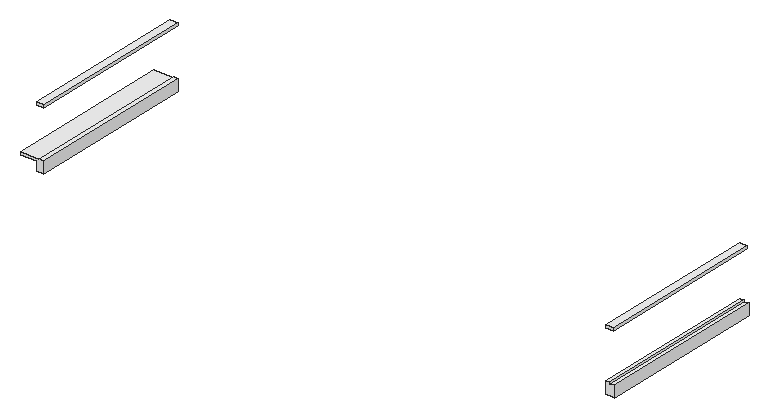
Revit family "CT_Bloco_E_Perfil", category Structural Framing, Revit 2025
Family settings
  Display in Hidden Views = Edges Hidden by Other Members
  Structural Framing Length Roundoff = 0.000 m
  Section Shape = Not Defined
  Material for Model Behavior = Concrete
  Always export as geometry = No
  Work Plane-Based = No
  Always vertical = Yes
  Cut with Voids When Loaded = Yes
  Symbolic Representation = From Family
  Shared = No
  Show family pre-cut in plan views = Yes
Parameters
  Structural Material [instance] = CT_Concreto
  Material_Viga_Janela [instance] = CT_Concreto
  Comprimento [instance] = 7.500 m
Reference planes (m)
  plane 1 "Centro (Frente/Trás)": y = 0
  plane 2: z = 0
  plane 3 "Centro (Esquerda/Direita)": x = 0
  plane 4: x = -15.9999
  plane 5: x = 9.1749
  plane 6: x = -5.2749
  plane 7: x = -2.2249
  plane 8: z = 4.76
  plane 9: z = 9.16
Forms (m)
  Extrusion 1, solid, material "CT_Concreto" <- "Structural Material"
    sketch origin (0, 0, 0.06) x (1, 0, 0) y (0, 0, 1)
      loop
        line (-15.9999, 4.7) -> (-16.1999, 4.7) -> (-16.1999, 4.65) -> (-17.0749, 4.65) -> (-17.0749, 4.55) -> (-16.3499, 4.55) -> (-16.3499, 4.19) -> (-16.3499, 4.15) -> (-15.9999, 4.15) -> (-15.9999, 4.7)
      loop
        line (9.5749, 4.15) -> (9.5749, 4.65) -> (9.3749, 4.65) -> (9.3749, 4.7) -> (9.1749, 4.7) -> (9.1749, 4.15) -> (9.5749, 4.15)
    from 0 to 7.5
  Extrusion 2, solid, material "CT_Concreto" <- "Material_Viga_Janela"
    sketch origin (0, 0, 0.06) x (1, 0, 0) y (0, 0, 1)
      loop
        line (-15.9999, 6.92) -> (-16.3499, 6.92) -> (-16.3499, 6.82) -> (-15.9999, 6.82) -> (-15.9999, 6.92)
      loop
        line (9.5249, 6.92) -> (9.1749, 6.92) -> (9.1749, 6.82) -> (9.5249, 6.82) -> (9.5249, 6.92)
    from 0 to 7.5
Dimensions and locks (m)
  "Comprimento": Extrusion 1 to Extrusion 1
  locked: plane 5 to plane 4 at 25.1748
  locked: plane 8 to level at 4.76
  locked: plane 9 to plane 8 at 4.4
  aligned and locked: level to plane 2
  aligned and locked: Extrusion 2 to Extrusion 1  (x3)
  aligned and locked: Extrusion 1 to Extrusion 2
Automatic sketch dimensions
  level to Extrusion 1 sketch curve = 4.610 m
  Extrusion 1 sketch curve to plane 3 "Centro (Esquerda/Direita)" = 17.0749 m
  Extrusion 1 sketch curve to Extrusion 1 sketch curve = 0.725 m
  Extrusion 1 sketch curve to Extrusion 1 sketch curve = 0.150 m
  Extrusion 1 sketch curve to Extrusion 1 sketch curve = 0.200 m  (x2)
  plane 3 "Centro (Esquerda/Direita)" to Extrusion 1 sketch curve = 9.1749 m
  Extrusion 1 sketch curve to Extrusion 1 sketch curve = 0.400 m
  Extrusion 1 sketch curve to Extrusion 1 sketch curve = 0.360 m
  level to Extrusion 1 sketch curve = 4.210 m
  Extrusion 1 sketch curve to Extrusion 1 sketch curve = 0.040 m
  Extrusion 1 sketch curve to Extrusion 1 sketch curve = 0.100 m
  Extrusion 1 sketch curve to Extrusion 1 sketch curve = 0.500 m
  Extrusion 1 sketch curve to Extrusion 1 sketch curve = 0.050 m  (x2)
  Extrusion 2 sketch curve to Extrusion 2 sketch curve = 0.350 m  (x2)
  Extrusion 2 sketch curve to Extrusion 2 sketch curve = 0.100 m  (x2)
  level to Extrusion 2 sketch curve = 6.980 m
  Extrusion 2 sketch curve to plane 3 "Centro (Esquerda/Direita)" = 15.9999 m
  plane 3 "Centro (Esquerda/Direita)" to Extrusion 2 sketch curve = 9.1749 m
  level to Extrusion 2 sketch curve = 6.880 m
